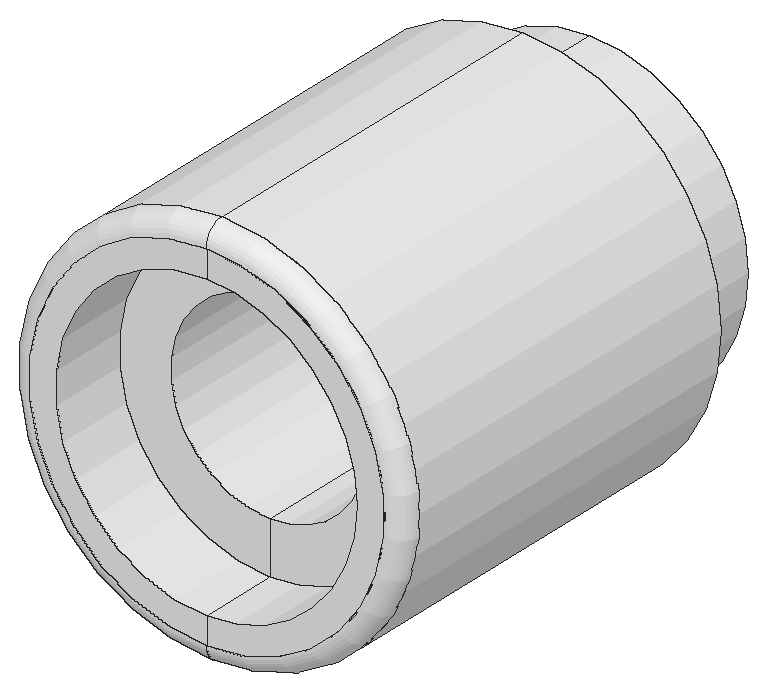
Revit family "PRD_FrankeWS_WlMntdBbTps_OutletExtension_AQRM909", category Specialty Equipment, Revit 2018
Family settings
  Round Connector Dimension = Use Diameter
  Part Type = Normal
  OmniClass Number = 23.45.55.11
  OmniClass Title = Sanitary Components
  Work Plane-Based = Yes
  Always vertical = No
  Cut with Voids When Loaded = No
  Shared = No
  Room Calculation Point = No
Parameters (values of type "AQRM909")
  WarrantyStartDate [instance] = "1900-12-31T23:59:59"
  WarrantyGuarantorParts = "n/a"
  WarrantyGuarantorLabor = "n/a"
  WarrantyDurationUnit = "year"
  WarrantyDurationParts = "n/a"
  WarrantyDurationLabor = "n/a"
  WarrantyDescription = "n/a"
  VolumeFlowRate = "n/a"
  Version = "1"
  Uniclass2015Version = "Products v1.23"
  Uniclass2015Title = "Wall-mounted bib taps"
  Uniclass2015Code = "Pr_40_20_87_93"
  URL = "www.kwc.com"
  TypeOfSpout = "n/a"
  TypeOfExtension = "Spout extension"
  TagNumber [instance] = "n/a"
  SustainabilityPerformance = "n/a"
  SpoutProjection = "n/a"
  Size = "n/a"
  Shape = "n/a"
  SerialNumber [instance] = "n/a"
  Revision = "n/a"
  ReplacementCost = "n/a"
  ProductInformation = "https://pim.kwc.com/product/2000101463/attachment/datasheet?locale=en"
  ProductCode = "208.0637.678"
  NominalWidth = 30 mm
  NominalHeight = 30 mm
  NominalDepth = 30 mm
  NetWeight = 0.135 kg
  Name = "Outlet extension AQRM909"
  NBSTypeID = "n/a"
  NBSReference = "45-35-70/345"
  NBSOfficeMasterTag = "n/a"
  NBSNote = "n/a"
  NBSDescription = "Taps and water supply fittings for sinks"
  NBSCertification = "n/a"
  ModelReference = "AQRM909"
  ModelNumber = "2000101463"
  Model = ModelReference  # "AQRM909"
  Material = "Brass"
  ManufacturerURL = "www.kwc.com"
  ManufacturerName = "KWC Group AG"  # constant formula
  Manufacturer = ManufacturerName  # "KWC Group AG"
  IntegralAccessories = "n/a"
  InstallationDate [instance] = "1900-12-31T23:59:59"
  IfcExportType = "FAUCET"
  IfcExportAs = "IfcValveType"
  GrossWeight = 0.14 kg
  Grade = "n/a"
  Finish = "polished chromium-plated"
  Features = "polished chromium-plated brass"
  FaucetType = "n/a"
  FaucetTopDescription = "n/a"
  FaucetOperation = "n/a"
  FaucetFunction = "n/a"
  ExpectedLife = "n/a"
  DurationUnit = "year"
  Description = "Spout extension M 24 x 1, stackable, for taps, length 30 mm, polished chromium-plated brass."
  Default Elevation = 1219.2 mm
  CreatedOn = "04/2022"  # constant formula
  Constituents = "n/a"
  Color = "Chrome"
  CodePerformance = "n/a"
  Category = "Pr_40_20_87_93, Wall-mounted bib taps"
  BodyMaterial = PRD_AR_ChromatedBrass_HighPolished
  BarCode [instance] = "n/a"
  BIMObjectName = "PRD_AR_WallMountedBibTaps_OutletExtension_AQRM909"
  Author = "Archispace"  # constant formula
  AssetType = "Fixed"
  AssetIdentifier [instance] = "n/a"
  AccessibilityPerformance = "n/a"
Reference planes
  plane 1 "Center (Front/Back)": y = 0
  plane 2: z = 0
  plane 3 "Center (Left/Right)": x = 0
Forms (mm)
  Revolve 1, solid, material "PRD_AR_ChromatedBrass_HighPolished" <- "BodyMaterial", detail levels fine
    sketch origin (0, 0, 0) x (0, 1, 0) y (0, 0, 1)
      loop
        line (3.7, 0) -> (3.7, 7.25) -> (6.4, 7.25) -> (6.4, 12) -> (0, 12) -> (0, 15) -> (-28.5, 15)
        arc (-28.5, 15) -> (-29.561, 14.561) -> (-30, 13.5) r 1.5
        line (-30, 13.5) -> (-30, 11.459) -> (-24, 11.459) -> (-24, 7.5) -> (-3, 7.5) -> (-3, 0) -> (3.7, 0)
      axis (6.4, 0) -> (-30, 0)
    angle from 0 to 360
  Revolve 2, solid, material "PRD_AR_ChromatedBrass_HighPolished" <- "BodyMaterial", detail levels coarse+medium
    sketch origin (0, 0, 0) x (0, 1, 0) y (0, 0, 1)
      loop
        line (0, 0) -> (0, 15) -> (-30, 15) -> (-30, 0) -> (0, 0)
      axis (0, 0) -> (-30, 0)
    angle from 0 to 360
Dimensions and locks
  aligned and locked: level to plane 2
